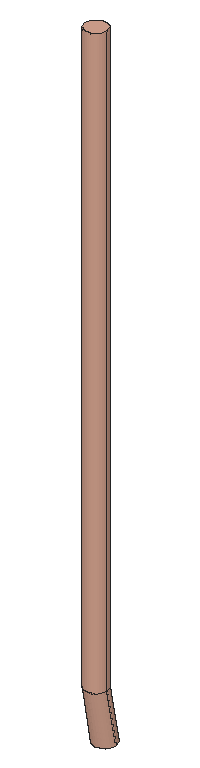
Revit family
Parameters (values of type "Circular 80 mm")
  Height [instance] = 2400 mm
  Dist From Wall = 75 mm
  Radius = 40 mm
  Assembly Code = ""
Types (2, lengths in mm): name | Height | Dist From Wall | Radius
  Circular 80 mm | 2400 | 75 | 40
  Circular 150 mm | 4000 | 150 | 75
Reference planes
  plane 1: y = 0
  plane 2 "Center (Left/Right)": x = 128.044
  plane 3 "Back": y = 75
  plane 4: y = 150
  plane 5: z = 2400
  plane 6: z = 200
Forms (mm)
  Extrusion 1, solid
    sketch origin (0, 0, 0) x (1, 0, 0) y (0, 1, 0)
      loop
        circle (128.044, 150) r 40
    from 200 to 2400
  Blend 2, solid
    base sketch origin (0, 0, 0) x (1, 0, 0) y (0, 1, 0)
      loop
        circle (128.044, 190) r 40
    top sketch origin (0, 0, 0) x (1, 0, 0) y (0, 1, 0)
      loop
        circle (128.044, 150) r 40
    from 0 to 200
Text (mm)
  text "Placement side" at (-1787.139, 592.35, 0), in view "Ref. Level"
  text "Placement side" at (0, 1827.695, 2917.686), in view "Left"
  text "Placement side" at (0, 562.268, 3853.606), in view "Right"
Dimensions and locks
  locked: plane 3 "Back" to host wall at 0
  "Dist From Wall": plane 3 "Back" to plane 4
  "Height": level to plane 5
  locked: level to plane 6 at 200
  "Radius": radius of Extrusion 1 sketch curve
  "Radius": radius of Blend 2 sketch curve  (x2)
  aligned and locked: host wall to plane 1
  aligned and locked: Extrusion 1 to plane 5
  aligned and locked: Blend 2 to plane 6
  aligned and locked: plane 6 to Extrusion 1
Automatic sketch dimensions
  Extrusion 1 sketch curve to plane 2 "Center (Left/Right)" = 0 mm
  Extrusion 1 sketch curve to plane 4 = 0 mm
  Blend 2 sketch curve to plane 2 "Center (Left/Right)" = 0 mm  (x2)
  Blend 2 sketch curve to plane 4 = 40 mm
  Blend 2 sketch curve to plane 4 = 0 mm
